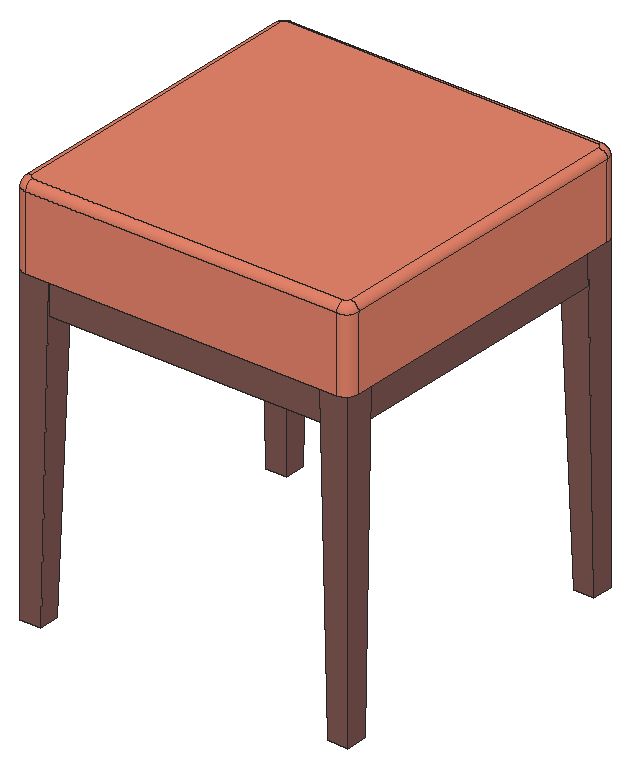
Revit family "Furniture_Chair_POUF 1.1", category Furniture, Revit 2020
Family settings
  OmniClass Number = 23.21.23.15.17
  Work Plane-Based = Yes
  Always vertical = No
  Cut with Voids When Loaded = No
  Shared = No
  Room Calculation Point = No
Parameters (values of type "POUF 1.1")
  Youtube clip = ""
  Uniformat II Description = "Movable Furnishings"
  Uniformat II Code = ""
  Uniclass 2015 Name = ""
  Uniclass 2015 Code = ""
  Uniclass 2.0 Description = ""
  Uniclass 2.0 Code = ""
  Uniclass 1.4 Description = ""
  Uniclass 1.4 Code = ""
  UNSPSC Code = ""
  Technical description = ""
  Shell Material [instance] = Fabric - Manhattan - Lexington YI113
  Frame Material [instance] = Wood - Beech - Mahogany
  Region South America = "All"
  Region Oceania = "All"
  Region North America = "All"
  Region Middle East = "All"
  Region Europe = "All"
  Region Asia = "All"
  Region Antarctica = "All"
  Region Africa = "All"
  QR code = "https://www.sandlerseating.com/product/pouf-1-1/"
  Product url = "https://www.sandlerseating.com/product/pouf-1-1/"
  Product name = "POUF 1.1"
  Product group = "Chair"
  Product family = "Furniture"
  Product data url = "https://www.sandlerseating.com/product/pouf-1-1/"
  Product certification = ""
  Product SKU = "??"
  Product Guid = "??"
  OmniClass Description = ""
  OmniClass Code = "23-21 23 15 17"
  NBS Reference Description = ""
  NBS Reference Code = ""
  Model = "POUF 1.1"
  Masterformat 2014 Description = "Chair Mats"
  Masterformat 2014 Code = "12 48 43.13"
  Manufacturer name = "Sandler"
  Manufacturer country = "USA"
  Manufacturer = "Sandler"
  Installation instructions = ""
  IFC Classification = "Furnishing Element"
  GTIN code = ""
  Edition number = 1
  Design country = "Brasil"
  Description = "Chair"
  Default Elevation = 0.000 mm
  Date of publishing = ""
  COBIe Type Category = ""
  Brand url = "https://www.sandlerseating.com/"
  BIMobject main category code = "furniture"
  BIMobject main category = "Furniture"
  BIMobject category code = "furniture-chair"
  BIMobject category = "Chair"
Reference planes
  plane 1 "Center Front/Back": y = 0
  plane 2: z = 0
  plane 3 "Center Left/Right": x = 0
  plane 4: y = 205
  plane 5: y = -205
Forms (mm)
  Extrusion 1, solid, material "Fabric - Manhattan - Lexington YI113" <- "Shell Material"
    sketch origin (0, 0, 840) x (-1, 0, 0) y (0, -1, 0)
      loop
        arc (190, -205) -> (200.607, -200.607) -> (205, -190) r 15
        line (205, -190) -> (205, 190)
        arc (205, 190) -> (200.607, 200.607) -> (190, 205) r 15
        line (190, 205) -> (-190, 205)
        arc (-190, 205) -> (-200.607, 200.607) -> (-205, 190) r 15
        line (-205, 190) -> (-205, -190)
        arc (-205, -190) -> (-200.607, -200.607) -> (-190, -205) r 15
        line (-190, -205) -> (190, -205)
    from -455 to -355
  Extrusion 2, solid, material "Wood - Beech - Mahogany" <- "Frame Material"
    sketch origin (0, 0, 840) x (-1, 0, 0) y (0, -1, 0)
      loop
        line (-200, -200) -> (200, -200) -> (200, 200) -> (-200, 200) -> (-200, -200)
      loop
        line (-180, -180) -> (180, -180) -> (180, 180) -> (-180, 180) -> (-180, -180)
    from -495 to -455
  Blend 3, solid, material "Wood - Beech - Mahogany" <- "Frame Material"
    base sketch origin (4.393, -4.393, 840) x (-1, 0, 0) y (0, -1, 0)
      loop
        line (205, -205) -> (205, -170) -> (170, -170) -> (170, -205) -> (205, -205)
    top sketch origin (4.393, -4.393, 840) x (-1, 0, 0) y (0, -1, 0)
      loop
        line (205, -205) -> (205, -180) -> (180, -180) -> (180, -205) -> (205, -205)
    from -455 to -840
  Blend 4, solid, material "Wood - Beech - Mahogany" <- "Frame Material"
    base sketch origin (-4.393, -4.393, 840) x (1, 0, 0) y (0, 1, 0)
      loop
        line (205, 205) -> (170, 205) -> (170, 170) -> (205, 170) -> (205, 205)
    top sketch origin (-4.393, -4.393, 840) x (1, 0, 0) y (0, 1, 0)
      loop
        line (205, 205) -> (180, 205) -> (180, 180) -> (205, 180) -> (205, 205)
    from -455 to -840
  Blend 5, solid, material "Wood - Beech - Mahogany" <- "Frame Material"
    base sketch origin (4.393, 4.393, 840) x (-1, 0, 0) y (0, -1, 0)
      loop
        line (205, 205) -> (170, 205) -> (170, 170) -> (205, 170) -> (205, 205)
    top sketch origin (4.393, 4.393, 840) x (-1, 0, 0) y (0, -1, 0)
      loop
        line (205, 205) -> (180, 205) -> (180, 180) -> (205, 180) -> (205, 205)
    from -455 to -840
  Blend 6, solid, material "Wood - Beech - Mahogany" <- "Frame Material"
    base sketch origin (-4.393, 4.393, 840) x (1, 0, 0) y (0, 1, 0)
      loop
        line (205, -205) -> (205, -170) -> (170, -170) -> (170, -205) -> (205, -205)
    top sketch origin (-4.393, 4.393, 840) x (1, 0, 0) y (0, 1, 0)
      loop
        line (205, -205) -> (205, -180) -> (180, -180) -> (180, -205) -> (205, -205)
    from -455 to -840
  Sweep 7, void
    path in 3D
      loop
        arc (190, -205, 485) -> (200.607, -200.607, 485) -> (205, -190, 485) r 15
        line (205, -190, 485) -> (205, 190, 485)
        arc (205, 190, 485) -> (200.607, 200.607, 485) -> (190, 205, 485) r 15
        line (190, 205, 485) -> (-190, 205, 485)
        arc (-190, 205, 485) -> (-200.607, 200.607, 485) -> (-205, 190, 485) r 15
        line (-205, 190, 485) -> (-205, -190, 485)
        arc (-205, -190, 485) -> (-200.607, -200.607, 485) -> (-190, -205, 485) r 15
        line (-190, -205, 485) -> (190, -205, 485)
    profile origin (0, -205, 485) x (0, 1, 0) y (0, 0, 1)
      loop
        line (0, 0) -> (0, -10)
        arc (0, -10) -> (2.929, -2.929) -> (10, 0) r 10
        line (10, 0) -> (0, 0)
Cuts and joins
  Sweep 7 cuts Extrusion 1
Lines and regions (mm)
  sketch lines
    curve 1: line (-190, -205, 485) -> (190, -205, 485)
    curve 2: arc (205, -190, 485) -> (200.607, -200.607, 485) -> (190, -205, 485) r 15
    curve 3: line (205, -190, 485) -> (205, 190, 485)
    curve 4: arc (190, 205, 485) -> (200.607, 200.607, 485) -> (205, 190, 485) r 15
    curve 5: line (190, 205, 485) -> (-190, 205, 485)
    curve 6: arc (-205, 190, 485) -> (-200.607, 200.607, 485) -> (-190, 205, 485) r 15
    curve 7: line (-205, 190, 485) -> (-205, -190, 485)
    curve 8: arc (-190, -205, 485) -> (-200.607, -200.607, 485) -> (-205, -190, 485) r 15
Dimensions and locks
  aligned and locked: level to plane 2
